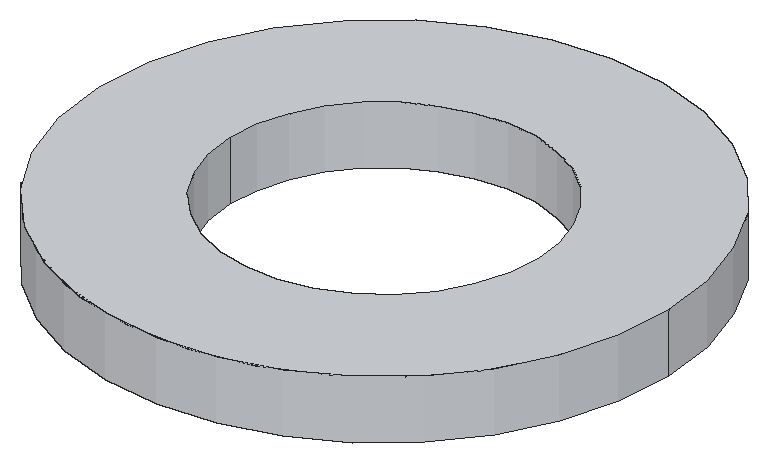
Revit family "Unterlegscheibe VA", category HLS-Bauteile, Revit 2017
Family settings
  Bemaßung runder Anschluss = Durchmesser verwenden
  Teiletyp = Normal
  Arbeitsebenenbasiert = Ja
  Immer vertikal = Nein
  Beim Laden mit Abzugskörper schneiden = Nein
  Gemeinsam genutzt = Ja
  Raumberechnungspunkt = Nein
Parameters (values of type "Unterlegscheibe 13,0x24x2,5 V4A")
  vpe = "100 St"
  Default Elevation = 1219.2 mm
  S = 2.5 mm
  Regelhalter [instance] = ""
  Mengeneinheit = "St"
  Material = "Edelstahl"
  Kurztext2 = "13 x 24 x 2,5 mm"
  Kurztext1 = "Unterlegscheibe EN ISO 7089 V4A"
  Gewicht pro Bauteil = Gewicht  # 0.0065 kg
  Gewicht = 0.0065 kg
  Firma = "MEFA Befestigungs- und Montagesysteme GmbH"
  Fabrikat = "MEFA"
  EAN = "4250928439215"
  D0 = 13 mm
  D = 24 mm
  Artikelnummer = "4338123"
Types (16, lengths in mm): name | vpe | S | Mengeneinheit | Material | Kurztext2 | Kurztext1 | Gewicht pro Bauteil | Gewicht | Fabrikat | EAN | D0 | D | Artikelnummer
  (no name) | "100 St" | 2.5 | "St" | "Edelstahl" | "13 x 24 x 2,5 mm" | "Unterlegscheibe EN ISO 7089 V4A" | 0.0065 kg | 0.0065 kg | "MEFA" | "4250928439215" | 13 | 24 | "4338123"
  Unterlegscheibe  8,4x16x1,6 V2A | "100 St" | 1.6 | "St" | "Edelstahl" | "8,4 x 16 x 1,6 mm" | "Unterlegscheibe EN ISO 7089 V2A" | 0.0019 kg | 0.0019 kg | "MEFA" | "4250928439161" | 8.4 | 16 | "4338108"
  Unterlegscheibe 10,5x20x2,0 V2A | "100 St" | 2 | "St" | "Edelstahl" | "10,5 x 20 x 2 mm" | "Unterlegscheibe EN ISO 7089 V2A" | 0.0037 kg | 0.0037 kg | "MEFA" | "4250928439178" | 10.5 | 20 | "4338110"
  Unterlegscheibe 13,0x24x2,5 V2A | "100 St" | 2.5 | "St" | "Edelstahl" | "13 x 24 x 2,5 mm" | "Unterlegscheibe EN ISO 7089 V2A" | 0.0065 kg | 0.0065 kg | "MEFA" | "4250928439185" | 13 | 24 | "4338113"
  Unterlegscheibe  8,4x25x2,0 V2A | "100 St" | 2 | "St" | "Edelstahl" | "8,4 x 25 x 2 mm" | "Unterlegscheibe EN ISO 7093-1 V2A" | 0.0071 kg | 0.0071 kg | "MEFA" | "4250928439123" | 8.4 | 25 | "4338008"
  Unterlegscheibe 10,5x30x2,5 V2A | "" | 2.5 | "" | "" | "" | "" | 0.00 kg | 0.00 kg | "" | "" | 10.5 | 30 | "3228010"
  Unterlegscheibe 13,0x37x3,0 V2A | "100 St" | 3 | "St" | "Edelstahl" | "13 x 37 x 3 mm" | "Unterlegscheibe EN ISO 7093-1 V2A" | 0.0231 kg | 0.0231 kg | "MEFA" | "4250928439147" | 13 | 37 | "4338013"
  Unterlegscheibe 17,0x50x3,0 V2A | "50 St" | 3 | "St" | "Edelstahl" | "17 x 50 x 3 mm" | "Unterlegscheibe EN ISO 7093-1 V2A" | 0.0425 kg | 0.0425 kg | "MEFA" | "4250928439154" | 17 | 50 | "4338017"
  Unterlegscheibe 10,5x40x3,0 V4A | "100 St" | 3 | "St" | "Edelstahl" | "10,5 x 40 x 3 mm" | "Unterlegscheibe V4A" | 0.0286 kg | 0.0286 kg | "MEFA" | "4250928448958" | 10.5 | 40 | "43385103"
  Unterlegscheibe  8,4x16x1,6 V4A | "100 St" | 1.6 | "St" | "Edelstahl" | "8,4 x 16 x 1,6 mm" | "Unterlegscheibe EN ISO 7089 V4A" | 0.0019 kg | 0.0019 kg | "MEFA" | "4250928439192" | 8.4 | 16 | "4338118"
  Unterlegscheibe 10,5x20x2,0 V4A | "100 St" | 2 | "St" | "Edelstahl" | "10,5 x 20 x 2 mm" | "Unterlegscheibe EN ISO 7089 V4A" | 0.0037 kg | 0.0037 kg | "MEFA" | "4250928439208" | 10.5 | 20 | "4338120"
  Unterlegscheibe 13,0x24x2,5 V4A | "100 St" | 2.5 | "St" | "Edelstahl" | "13 x 24 x 2,5 mm" | "Unterlegscheibe EN ISO 7089 V4A" | 0.0065 kg | 0.0065 kg | "MEFA" | "4250928439215" | 13 | 24 | "4338123"
  Unterlegscheibe  8,4x25x2,0 V4A | "100 St" | 2 | "St" | "Edelstahl" | "8,4 x 25 x 2 mm" | "Unterlegscheibe EN ISO 7093-1 V4A" | 0.0071 kg | 0.0071 kg | "MEFA" | "4250928439222" | 8.4 | 25 | "4338208"
  Unterlegscheibe 10,5x30x2,5 V4A | "100 St" | 2.5 | "St" | "Edelstahl" | "10,5 x 30 x 2,5 mm" | "Unterlegscheibe EN ISO 7093-1 V4A" | 0.0127 kg | 0.0127 kg | "MEFA" | "4250928439239" | 10.5 | 30 | "4338210"
  Unterlegscheibe 13,0x37x3,0 V4A | "100 St" | 3 | "St" | "Edelstahl" | "13 x 37 x 3 mm" | "Unterlegscheibe EN ISO 7093-1 V4A" | 0.0231 kg | 0.0231 kg | "MEFA" | "4250928439246" | 13 | 37 | "4338213"
  Unterlegscheibe 17,0x50x3,0 V4A | "50 St" | 3 | "St" | "Edelstahl" | "17 x 50 x 3 mm" | "Unterlegscheibe EN ISO 7093-1 V4A" | 0.0368 kg | 0.0368 kg | "MEFA" | "4250928439253" | 17 | 50 | "4338217"
Reference planes
  plane 1 "Mitte (Vorne/hinten)": y = 0
  plane 2: z = 0
  plane 3 "Mitte (Links/rechts)": x = 0
  plane 4: z = 2.5
Forms (mm)
  Extrusion 1, solid
    sketch origin (0, 0, 0) x (1, 0, 0) y (0, 1, 0)
      loop
        circle (0, 0) r 12
    from 0 to 2.5
  Extrusion 2, void
    sketch origin (0, 0, 0) x (1, 0, 0) y (0, 1, 0)
      loop
        circle (0, 0) r 6.5
    from 0 to 2.5
Cuts and joins
  Extrusion 2 cuts Extrusion 1
Lines and regions (mm)
  model lines, not visible
    curve 1: line (9.299, 0, 2.5) -> (-10.701, 0, 2.5)
    curve 2: line (0, 15.717, 2.5) -> (0, -4.283, 2.5)
    curve 3: line (0, 10.717, 0) -> (0, -9.283, 0)
    curve 4: line (6.799, 0, 0) -> (-13.201, 0, 0)
    curve 5: line (0, 0, 69.837) -> (0, 0, -112.663)
Dimensions and locks
  "S": level to plane 4
  "D": diameter of Extrusion 1 sketch curve
  "D0": diameter of Extrusion 2 sketch curve
  aligned and locked: level to plane 2
  aligned and locked: Extrusion 1 to level
  aligned and locked: Extrusion 1 to curve 1
  aligned and locked: plane 4 to Extrusion 1
  aligned and locked: curve 2 to plane 4
  aligned and locked: curve 3 to level
  aligned and locked: curve 4 to level
  aligned and locked: plane 3 "Mitte (Links/rechts)" to curve 5
  aligned and locked: curve 5 to plane 1 "Mitte (Vorne/hinten)"
  aligned and locked: Extrusion 1 to Extrusion 2
  aligned and locked: Extrusion 2 to level
Automatic sketch dimensions
  plane 1 "Mitte (Vorne/hinten)" to curve 2 = 4.283 mm
  plane 1 "Mitte (Vorne/hinten)" to curve 3 = 9.283 mm
  curve 3 to plane 1 "Mitte (Vorne/hinten)" = 10.717 mm
  curve 2 to plane 1 "Mitte (Vorne/hinten)" = 15.717 mm
  curve 4 to plane 3 "Mitte (Links/rechts)" = 13.201 mm
  curve 1 to plane 3 "Mitte (Links/rechts)" = 10.701 mm
  plane 3 "Mitte (Links/rechts)" to curve 4 = 6.799 mm
  plane 3 "Mitte (Links/rechts)" to curve 1 = 9.299 mm
  curve 5 to level = 112.663 mm
  plane 4 to curve 5 = 67.337 mm
  plane 1 "Mitte (Vorne/hinten)" to Extrusion 1 sketch curve = 0 mm
  Extrusion 1 sketch curve to plane 3 "Mitte (Links/rechts)" = 0 mm
  plane 1 "Mitte (Vorne/hinten)" to Extrusion 2 sketch curve = 0 mm
  Extrusion 2 sketch curve to plane 3 "Mitte (Links/rechts)" = 0 mm
